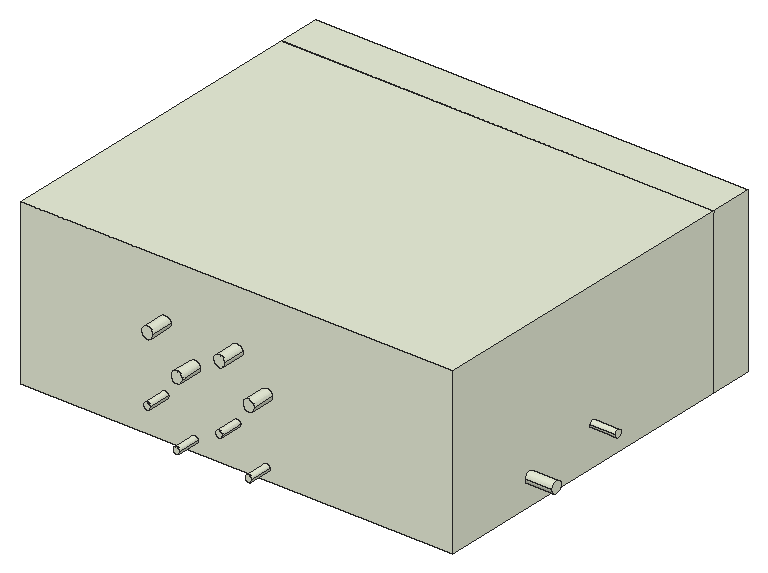
Revit family "Midea_VRF_MS04_E", category Mechanical Equipment, Revit 2013
Parameters (values of type "MS04/N1-D")
  clearance [instance] = no
  Width = 660.000 mm
  URL = ""
  Series = "MS box"
  Power supply = "220-240V 1N~50Hz/60Hz"
  Number of branches = 4
  Net Weight = 34.00 kg
  Model = "MS04/N1-D"
  Minimum Circuit Amps = 0.38 A
  Maximum Fuse Amps = 15 A
  Max. capacity index of connectable indoor units per branch = 16.000 kW
  Max. capacity index of connectable indoor units = 49.000 kW
  Max. No. of connectable indoor units per branch = 5
  Max. No. of connectable indoor units = 20
  Manufacturer = "Midea"
  Machine material = Galvanized Steel
  Low pressure gas pipe to ODU = "∅19.05/∅22.2/∅28.6"
  Liquid pipes to IDU = "∅6.35/∅9.52"
  Liquid pipe  to ODU = "∅9.52/∅12.7/∅15.9/∅19.05"
  Installation = "Indoor installation"
  High pressure gas pipe to ODU = "∅15.9/∅19.05/∅22.2/∅28.6"
  Height = 250.000 mm
  Heating Power Input = 69 W
  Gas pipes to IDU = "∅12.7/∅15.9"
  Gas = "R410A"
  Description = ""
  Depth = 574.000 mm
  Cooling Power Input = 69 W
  Condensation = ""
  Casing color = SB2014
Reference planes
  plane 1: z = 0
  plane 2 "中心(左/右)": x = 0
  plane 3: y = -374.3
  plane 4: x = -330
  plane 5: x = 330
  plane 6: y = -59.3
  plane 7: y = -624.3
  plane 8: z = 250
Forms (mm)
  Extrusion 1, solid, material "Galvanized Steel", detail levels medium+fine
    sketch origin (120, -1462, 378.197) x (0, -1, 0) y (1, 0, 0)
      loop
        line (-837.7, -450) -> (-837.7, 210) -> (-1337.7, 210) -> (-1337.7, -450) -> (-837.7, -450)
    from -378.197 to -128.197
  Extrusion 2, solid, material "Galvanized Steel", detail levels medium+fine
    sketch origin (120, -1109.5, 378.197) x (0, -1, 0) y (1, 0, 0)
      loop
        line (-985.2, -450) -> (-985.2, 210) -> (-1050.2, 210) -> (-1050.2, -450) -> (-985.2, -450)
    from -378.197 to -128.197
  Extrusion 3, solid, material "Galvanized Steel"
    sketch origin (1148, -1524, 0) x (0, 0, 1) y (0, -1, 0)
      loop
        circle (41.271, -1046.168) r 8.5
    from -818 to -776
  Extrusion 4, solid, material "Galvanized Steel"
    sketch origin (1148, -1404, 20) x (0, 0, 1) y (0, -1, 0)
      loop
        circle (41.271, -1046.168) r 5
    from -818 to -778
  Extrusion 5, solid, material "Galvanized Steel"
    sketch origin (-1148, -1524, 0) x (0, 0, 1) y (0, 1, 0)
      loop
        circle (41.271, 1046.168) r 7
    from -818 to -776
  Extrusion 6, solid, material "Galvanized Steel"
    sketch origin (-1148, -1404, 20) x (0, 0, 1) y (0, 1, 0)
      loop
        circle (41.271, 1046.168) r 5
    from -818 to -776
  Extrusion 7, solid, material "Galvanized Steel"
    sketch origin (-1148, -1469, 0) x (0, 0, 1) y (0, 1, 0)
      loop
        circle (41.271, 1046.168) r 8.5
    from -818 to -776
  Extrusion 8, solid, material "Galvanized Steel"
    sketch origin (160, -624.3, 378.197) x (1, 0, 0) y (0, 0, 1)
      loop
        circle (-268.631, -215.284) r 8.5
    from 0 to 34
  Extrusion 9, solid, material "Galvanized Steel"
    sketch origin (270, -624.3, 378.197) x (1, 0, 0) y (0, 0, 1)
      loop
        circle (-268.631, -215.284) r 8.5
    from 0 to 34
  Extrusion 10, solid, material "Galvanized Steel"
    sketch origin (160, -624.3, 278.197) x (1, 0, 0) y (0, 0, 1)
      loop
        circle (-268.631, -215.284) r 5
    from 0 to 34
  Extrusion 11, solid, material "Galvanized Steel"
    sketch origin (270, -624.3, 278.197) x (1, 0, 0) y (0, 0, 1)
      loop
        circle (-268.631, -215.284) r 5
    from 0 to 34
  Extrusion 12, solid, material "Galvanized Steel"
    sketch origin (205, -624.3, 333.197) x (1, 0, 0) y (0, 0, 1)
      loop
        circle (-268.631, -215.284) r 8.5
    from 0 to 34
  Extrusion 13, solid, material "Galvanized Steel"
    sketch origin (315, -624.3, 333.197) x (1, 0, 0) y (0, 0, 1)
      loop
        circle (-268.631, -215.284) r 8.5
    from 0 to 34
  Extrusion 14, solid, material "Galvanized Steel"
    sketch origin (205, -624.3, 233.197) x (1, 0, 0) y (0, 0, 1)
      loop
        circle (-268.631, -215.284) r 5
    from 0 to 34
  Extrusion 15, solid, material "Galvanized Steel"
    sketch origin (315, -624.3, 233.197) x (1, 0, 0) y (0, 0, 1)
      loop
        circle (-268.631, -215.284) r 5
    from 0 to 34
Lines and regions (mm)
  model lines, not visible
    curve 1: circle (177.54, 182, 460) r 280 normal (0, 1, 0)
    curve 2: circle (177.54, 182, 460) r 240 normal (0, 1, 0)
    curve 3: circle (177.54, 182, 460) r 200 normal (0, 1, 0)
    curve 4: circle (177.54, 182, 460) r 160 normal (0, 1, 0)
    curve 5: circle (177.54, 182, 460) r 120 normal (0, 1, 0)
    curve 6: circle (177.54, 182, 460) r 80 normal (0, 1, 0)
    curve 7: circle (177.54, 182, 460) r 40 normal (0, 1, 0)
    curve 8: arc (177.54, 182, 740) -> (273.688, 182, 600) -> (177.54, 182, 460) r 150
    curve 9: arc (177.54, 182, 460) -> (37.54, 182, 556.148) -> (-102.46, 182, 460) r 150
    curve 10: arc (177.54, 182, 460) -> (81.391, 182, 320) -> (177.54, 182, 180) r 150
    curve 11: arc (177.54, 182, 460) -> (317.54, 182, 363.852) -> (457.54, 182, 460) r 150
    curve 12: line (-151.4, 182, 818) -> (-151.4, 182, 178)
    curve 13: line (448.6, 182, 818) -> (448.6, 182, 178)
    curve 14: line (448.6, 182, 818) -> (-151.4, 182, 818)
    curve 15: line (448.6, 182, 178) -> (-151.4, 182, 178)
    curve 16: circle (148.6, 182, 498) r 280 normal (0, 1, 0)
    curve 17: circle (148.6, 182, 498) r 240 normal (0, 1, 0)
    curve 18: circle (148.6, 182, 498) r 200 normal (0, 1, 0)
    curve 19: circle (148.6, 182, 498) r 160 normal (0, 1, 0)
    curve 20: circle (148.6, 182, 498) r 120 normal (0, 1, 0)
    curve 21: circle (148.6, 182, 498) r 80 normal (0, 1, 0)
    curve 22: circle (148.6, 182, 498) r 40 normal (0, 1, 0)
    curve 23: arc (148.6, 182, 778) -> (244.748, 182, 638) -> (148.6, 182, 498) r 150
    curve 24: arc (148.6, 182, 498) -> (8.6, 182, 594.148) -> (-131.4, 182, 498) r 150
    curve 25: arc (148.6, 182, 498) -> (52.452, 182, 358) -> (148.6, 182, 218) r 150
    curve 26: arc (148.6, 182, 498) -> (288.6, 182, 401.852) -> (428.6, 182, 498) r 150
    curve 27: line (-327.463, 0, 542.426) -> (-398.173, 0, 613.137)
    curve 28: line (-341.605, 0, 528.284) -> (-412.315, 0, 598.995)
    curve 29: arc (-327.463, 0, 542.426) -> (-327.463, 0, 528.284) -> (-341.605, 0, 528.284) r 10
    curve 30: line (-327.463, 0, 602.426) -> (-398.173, 0, 673.137)
    curve 31: line (-341.605, 0, 588.284) -> (-412.315, 0, 658.995)
    curve 32: arc (-327.463, 0, 602.426) -> (-327.463, 0, 588.284) -> (-341.605, 0, 588.284) r 10
    curve 33: line (-327.463, 0, 662.426) -> (-398.173, 0, 733.137)
    curve 34: line (-341.605, 0, 648.284) -> (-412.315, 0, 718.995)
    curve 35: arc (-327.463, 0, 662.426) -> (-327.463, 0, 648.284) -> (-341.605, 0, 648.284) r 10
    curve 36: line (-412.315, 0, 733.137) -> (-468.884, 0, 789.706)
    curve 37: line (-468.884, 0, 789.706) -> (-468.884, 0, 964.3)
    curve 38: line (-327.463, 0, 528.284) -> (-302.714, 0, 503.536)
    curve 39: line (-302.714, 0, 503.536) -> (-302.714, 0, 31.9)
    curve 40: line (-327.463, 0, 542.426) -> (-398.173, 0, 613.137)
    curve 41: line (-341.605, 0, 528.284) -> (-412.315, 0, 598.995)
    curve 42: arc (-398.173, 0, 613.137) -> (-412.315, 0, 613.137) -> (-412.315, 0, 598.995) r 10
    curve 43: arc (-327.463, 0, 542.426) -> (-327.463, 0, 528.284) -> (-341.605, 0, 528.284) r 10
    curve 44: line (-327.463, 0, 602.426) -> (-398.173, 0, 673.137)
    curve 45: line (-341.605, 0, 588.284) -> (-412.315, 0, 658.995)
    curve 46: arc (-398.173, 0, 673.137) -> (-412.315, 0, 673.137) -> (-412.315, 0, 658.995) r 10
    curve 47: arc (-327.463, 0, 602.426) -> (-327.463, 0, 588.284) -> (-341.605, 0, 588.284) r 10
    curve 48: line (-327.463, 0, 662.426) -> (-398.173, 0, 733.137)
    curve 49: line (-341.605, 0, 648.284) -> (-412.315, 0, 718.995)
    curve 50: arc (-398.173, 0, 733.137) -> (-412.315, 0, 733.137) -> (-412.315, 0, 718.995) r 10
    curve 51: arc (-327.463, 0, 662.426) -> (-327.463, 0, 648.284) -> (-341.605, 0, 648.284) r 10
    curve 52: line (-412.315, 0, 733.137) -> (-468.884, 0, 789.706)
    curve 53: line (-468.884, 0, 789.706) -> (-468.884, 0, 964.3)
    curve 54: line (-327.463, 0, 528.284) -> (-302.714, 0, 503.536)
    curve 55: line (-302.714, 0, 503.536) -> (-302.714, 0, 31.9)
  model lines
    curve 56: line (-330, -124.3, 250) -> (330, -124.3, 250)
    curve 57: line (330, -624.3, 250) -> (330, -124.3, 250)
    curve 58: line (-330, -624.3, 250) -> (330, -624.3, 250)
    curve 59: line (-330, -124.3, 250) -> (-330, -624.3, 250)
    curve 60: line (-330, -624.3, 0) -> (330, -624.3, 0)
    curve 61: line (330, -624.3, 0) -> (330, -124.3, 0)
    curve 62: line (-330, -124.3, 0) -> (330, -124.3, 0)
    curve 63: line (-330, -124.3, 0) -> (-330, -624.3, 0)
Dimensions and locks
  aligned and locked: level to plane 1
Nested families
  nested 1: "Beautiful-Dao-Lagou-White" at (330, -239.129, 192) x (0, 1, 0) z (0, 0, 1), type "Dao-Lagou", not visible, detail levels fine
  nested 2: "Beautiful-Dao-Lagou-White" at (330, -557.107, 192) x (0, 1, 0) z (0, 0, 1), type "Dao-Lagou", not visible, detail levels fine
  nested 3: "Beautiful-Dao-Lagou-White" at (-330, -557.107, 192) x (0, 1, 0) z (0, 0, 1), type "Dao-Lagou", not visible, detail levels fine
  nested 4: "Beautiful-Dao-Lagou-White" at (-330, -239.129, 192) x (0, 1, 0) z (0, 0, 1), type "Dao-Lagou", not visible, detail levels fine
  nested 5: "Midea service space" at (-330, -59.3, 0), visible <- "clearance", Height <- "Height", type "Midea Service  Space"
    with Width 660.000 mm, Height 250.000 mm, Depth 400.000 mm
  nested 6: "Midea service space" at (-330, -1324.3, 0), visible <- "clearance", Height <- "Height", type "Midea Service  Space"
    with Width 660.000 mm, Height 250.000 mm, Depth 700.000 mm
  nested 7: "Midea service space" at (330, -624.3, 0), visible <- "clearance", Height <- "Height", type "Midea Service  Space"
    with Width 400.000 mm, Height 250.000 mm, Depth 565.000 mm
  nested 8: "Midea service space" at (-830, -624.3, 0), visible <- "clearance", Height <- "Height", type "Midea Service  Space"
    with Width 500.000 mm, Height 250.000 mm, Depth 565.000 mm
Connectors
  electrical at (330, -91.8, 125)
    settings: on Extrusion 2, index 1, voltage 220 V, apparent load 0 VA, apparent load phase1 0 VA, apparent load phase2 0 VA, apparent load phase3 0 VA, power factor 1, load classification "Other", number of poles 1, system type 30, power factor state 1, is connector primary yes, connector utility no, sub classification motor no, connector description ""
  piping at (370, -357.832, 61.271)
    settings: on Extrusion 4, index 2, connector radius 3.175 mm, flow factor 0, pipe flow 0.0 L/s, pressure drop 0.0 Pa, fitting loss kfactor 0, connector angle 0.00°, fixture units 0, engagement length 0.000 mm, flow configuration 0, flow direction 0, fitting loss method 0, system type 19, joint type 0, gender type 0, connector reference index -1, connector utility 0, adjustable connector no, is connector primary yes, fitting loss table "", connector description "Liquid pipes to IDU"
  piping at (372, -477.832, 41.271)
    settings: on Extrusion 3, index 3, connector radius 6.35 mm, flow factor 0, pipe flow 0.0 L/s, pressure drop 0.0 Pa, fitting loss kfactor 0, connector angle 0.00°, fixture units 0, engagement length 0.000 mm, flow configuration 0, flow direction 0, fitting loss method 0, system type 19, joint type 0, gender type 0, connector reference index -1, connector utility 0, adjustable connector no, is connector primary no, fitting loss table "", connector description "Gas pipes to IDU"
  piping at (-372, -357.832, 61.271)
    settings: on Extrusion 6, index 4, connector radius 4.76 mm, flow factor 0, pipe flow 0.0 L/s, pressure drop 0.0 Pa, fitting loss kfactor 0, connector angle 0.00°, fixture units 0, engagement length 0.000 mm, flow configuration 0, flow direction 0, fitting loss method 0, system type 19, joint type 0, gender type 0, connector reference index -1, connector utility 0, adjustable connector no, is connector primary no, fitting loss table "", connector description "Liquid pipe  to ODU"
  piping at (-372, -422.832, 41.271)
    settings: on Extrusion 7, index 5, connector radius 9.525 mm, flow factor 0, pipe flow 0.0 L/s, pressure drop 0.0 Pa, fitting loss kfactor 0, connector angle 0.00°, fixture units 0, engagement length 0.000 mm, flow configuration 0, flow direction 0, fitting loss method 0, system type 19, joint type 0, gender type 0, connector reference index -1, connector utility 0, adjustable connector no, is connector primary no, fitting loss table "", connector description "Low pressure gas pipe to ODU"
  piping at (-372, -477.832, 41.271)
    settings: on Extrusion 5, index 6, connector radius 7.95 mm, flow factor 0, pipe flow 0.0 L/s, pressure drop 0.0 Pa, fitting loss kfactor 0, connector angle 0.00°, fixture units 0, engagement length 0.000 mm, flow configuration 0, flow direction 0, fitting loss method 0, system type 19, joint type 0, gender type 0, connector reference index -1, connector utility 0, adjustable connector no, is connector primary no, fitting loss table "", connector description "High pressure gas pipe to ODU"
Definition of nested family "Beautiful-Dao-Lagou-White"
  Parameters (values of type "Dao-Lagou")
    Machine material = Midea White
  Reference planes
    plane 1 "Center (Front/Back)": y = 0
    plane 2: z = 0
    plane 3 "Center (Left/Right)": x = 0
  Forms (mm)
    Extrusion 1, solid, material "Midea White" <- "Machine material"
      sketch origin (0, 0, 18) x (0, 1, 0) y (0, 0, 1)
        loop
          line (0, -18) -> (0, 40) -> (-42, 40) -> (-42, 35) -> (-40, 35) -> (-40, 38) -> (-2, 38) -> (-2, -18) -> (0, -18)
      from 0 to 40
    Extrusion 2, void
      sketch origin (0, 0, 0) x (1, 0, 0) y (0, 1, 0)
        loop
          line (14, -30) -> (14, -42) -> (26, -42) -> (26, -30) -> (26, -12)
          arc (26, -12) -> (20, -6) -> (14, -12) r 6
          line (14, -12) -> (14, -30)
      from 53 to 58
  Cuts and joins
    Extrusion 2 cuts Extrusion 1
  Dimensions and locks
    aligned and locked: level to plane 2
Definition of nested family "Midea service space"
  Parameters (values of type "Midea Service  Space")
    Width [instance] = 500.000 mm
    Height [instance] = 500.000 mm
    Depth [instance] = 500.000 mm
  Reference planes
    plane 1 "Center (Front/Back)": y = 0
    plane 2: z = 0
    plane 3 "Center (Left/Right)": x = 0
    plane 4: z = 500
    plane 5: y = 500
    plane 6: x = 500
  Forms (mm)
    Extrusion 1, solid, material "Midea Service Space-HDY"
      sketch origin (0, 0, 0) x (1, 0, 0) y (0, 1, 0)
        loop
          line (0, 500) -> (0, 0) -> (500, 0) -> (500, 500) -> (0, 500)
      from 0 to 500
  Dimensions and locks
    "Width": plane 3 "Center (Left/Right)" to plane 6
    "Depth": plane 5 to plane 1 "Center (Front/Back)"
    "Height": level to plane 4
    aligned and locked: level to plane 2
    aligned and locked: plane 5 to Extrusion 1
    aligned and locked: Extrusion 1 to plane 6
    aligned and locked: Extrusion 1 to plane 3 "Center (Left/Right)"
    aligned and locked: plane 1 "Center (Front/Back)" to Extrusion 1
    aligned and locked: Extrusion 1 to plane 4
  Automatic sketch dimensions
    Extrusion 1 sketch curve to plane 3 "Center (Left/Right)" = 0.000 mm
    plane 1 "Center (Front/Back)" to Extrusion 1 sketch curve = 0.000 mm
    Extrusion 1 sketch curve to plane 6 = 0.000 mm
    Extrusion 1 sketch curve to plane 5 = 0.000 mm
